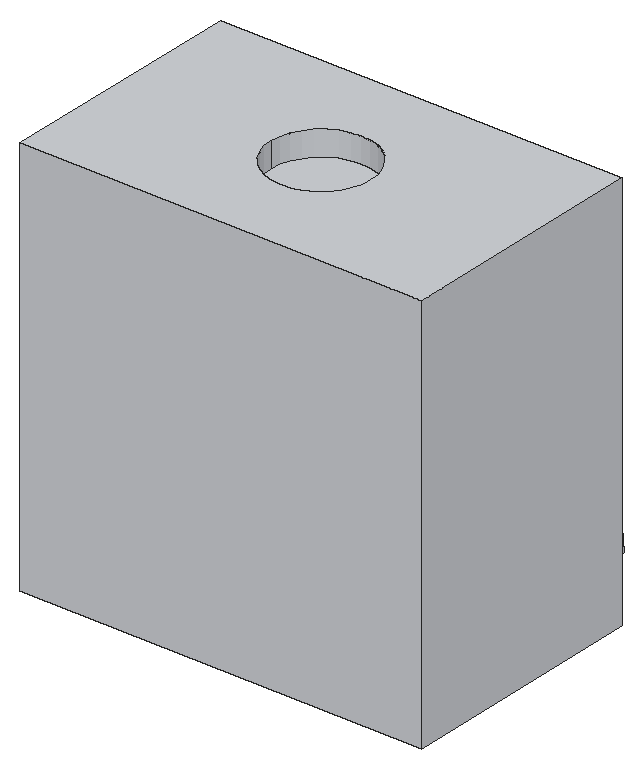
Revit family "SHG_Dose_V1700", category Sicherheitsgeräte, Revit 2017
Family settings
  Beschriftungsausrichtung beibehalten = Nein
  Bemaßung runder Anschluss = Durchmesser verwenden
  Teiletyp = Schalter
  OmniClass-Nummer = 23.85.30.00
  OmniClass-Titel = Safety and Security Information Systems
  Arbeitsebenenbasiert = Nein
  Immer vertikal = Ja
  Beim Laden mit Abzugskörper schneiden = Nein
  Gemeinsam genutzt = Nein
  Raumberechnungspunkt = Nein
Parameters (values of type "Uebergabedose")
  Übergabedose = yes
  pbr_Material_KZ = ""
  pbr_Material = none
  pbr_E_Typ = ""
  pbr_E_KZ = ""
  pbr_DINBild = 0
  pbr_Bild = 0
  pbr_3Dx_Delta_Korrekturversatz [instance] = 0 mm
  pbr_3DX_Versatzfaktor [instance] = 0
  pbr_2DY_Versatzfaktor [instance] = 0
  pbr_2DX_Versatzfaktor [instance] = 0
  lfd_STRK [instance] = 0
  cpiFitMatchKey [instance] = "E-LS-AS-1"
  Zentrale [instance] = ""
  Typ [instance] = ""
  Text3 [instance] = ""
  Text2 [instance] = ""
  Text1 [instance] = ""
  Planungsbüro Rohling = "www.pbr.de"
  Netzart = ""
  Menge(Dosenzahl) [instance] = 0
  Linie/Anschluss [instance] = ""
  Linie [instance] = ""
  Leerrohrtiefe = 5 mm
  Lastklassifizierung = none
  Installationsart [instance] = ""
  Info [instance] = ""
  IFC = ""
  Gewerk [instance] = "EMA"
  Eckversatz [instance] = 0 mm
  YFrontversatz [instance] = if(pbr_2DY_Versatzfaktor = 300, 0 mm, pbr_2DY_Versatzfaktor * 300 mm)  # 0 mm
  XSeitenversatz [instance] = if(pbr_2DX_Versatzfaktor = 0, 3000 mm, 3000 mm + (pbr_2DX_Versatzfaktor * 300 mm)) + Eckversatz  # 3000 mm
  R_Leerrohranschluss = 10 mm
  Niveau [instance] = 1100 mm
  Dosentiefe = 70 mm  # constant formula
  Dosenradius = 65 mm / 2  # 32.5 mm
  D_Leerrohranschluss = 2 * R_Leerrohranschluss  # 20 mm
  Bus [instance] = ""
  Breite = 80 mm
  Boxtiefe = 50 mm
  Betriebsstrom ruhe [instance] = 0
  Betriebsstrom max [instance] = 0
  3Polig_darstellen = no
  3DX_Versatzkontrolle [instance] = if(pbr_3DX_Versatzfaktor = 0, (pbr_2DX_Versatzfaktor * -1), (((-1 * pbr_3DX_Versatzfaktor) + pbr_2DX_Versatzfaktor) * -1))  # 0
  3DX_Versatzfaktor [instance] = 0
  3DX_Versatz [instance] = if([3DX_Versatzkontrolle] = 0, 2000 mm, 2000 mm + ([3DX_Versatzkontrolle] * (300 mm - Breite))) + pbr_3Dx_Delta_Korrekturversatz  # 2000 mm
  2Polig_darstellen = no
  2DY_Versatzfaktor [instance] = 0
  2DX_Versatzfaktor [instance] = 0
Reference planes
  plane 1 "Mitte (Vorne/Hinten)": y = 0
  plane 2: z = 0
  plane 3 "Mitte (Links/Rechts)": x = 0
  plane 4: x = -125
  plane 5: x = 125
  plane 6: y = 300
  plane 7 "Schalterhinten": y = 0
  plane 8: x = -3000
  plane 9: x = 0
  plane 10: x = -2000
  plane 11: x = -40
  plane 12: x = 40
  plane 13: z = 1140
  plane 14: z = 1060
  plane 15 "SchalterVorne": y = 50
  plane 16 "3DSchalterMitte": x = 0
  plane 17: z = 1100
  plane 18 "Schalterkurz": y = 52.47
  plane 19 "Schalterlang": y = 59.712
  plane 20: x = -32.5
  plane 21: x = 32.5
  plane 22 "MitteBox": y = 25
  plane 23: z = 1135
  plane 24: z = 1065
Forms (mm)
  Extrusion 1, solid
    sketch origin (0, 20, 0) x (0, 0, 1) y (-1, 0, 0)
      loop
        line (1060, 40) -> (1060, -40) -> (1140, -40) -> (1140, 40) -> (1060, 40)
    from -30 to 20
  Sweep 2, solid
    path origin (0, 59.712, 0) x (-1, 0, 0) y (0, 0, 1)
      loop
        line (32.5, 1100) -> (-32.5, 1100)
    profile origin (0, 59.712, 1100) x (0, 0, -1) y (0, 1, 0)
      loop
        line (-35, -9.712) -> (33.898, -9.712) -> (33.898, 0) -> (-35, -7.241) -> (-35, -9.712)
  Sweep 3, void
    path origin (-111.336, 25, 1200) x (-1, 0, 0) y (0, 0, 1)
      loop
        line (-111.336, -135) -> (-111.336, -140)
    profile origin (0, 25, 1062.5) x (0, 1, 0) y (-1, 0, 0)
      loop
        circle (0, 0) r 10
  Sweep 4, void
    path origin (-111.336, 25, 1200) x (-1, 0, 0) y (0, 0, 1)
      loop
        line (-111.336, -65) -> (-111.336, -60)
    profile origin (0, 25, 1137.5) x (1, 0, 0) y (0, 1, 0)
      loop
        circle (0, 0) r 10
Cuts and joins
  Sweep 3, Sweep 4 cuts Extrusion 1
  joined: Extrusion 1, Sweep 2
Dimensions and locks
  plane 4 to plane 5 = 250 mm
  plane 6 to plane 7 "Schalterhinten" = 300 mm
  equal spacing: plane 4, plane 9, plane 5, locked at 125 each
  "XSeitenversatz": plane 8 to plane 9
  plane 8 to plane 3 "Mitte (Links/Rechts)" = 3000 mm
  "YFrontversatz": plane 1 "Mitte (Vorne/Hinten)" to plane 7 "Schalterhinten"
  plane 12 to plane 11 = 80 mm
  plane 13 to plane 14 = 80 mm
  plane 9 to plane 10 = 2000 mm
  equal spacing: plane 12, plane 16 "3DSchalterMitte", plane 11
  equal spacing: plane 13, plane 17, plane 14
  "Niveau": plane 17 to level
  plane 15 "SchalterVorne" to plane 1 "Mitte (Vorne/Hinten)" = 50 mm
  "Boxtiefe": plane 1 "Mitte (Vorne/Hinten)" to plane 15 "SchalterVorne"
  plane 1 "Mitte (Vorne/Hinten)" to plane 15 "SchalterVorne" to plane 18 "Schalterkurz" to plane 19 "Schalterlang" = 50 mm, 2.47 mm locked, 7.241 mm locked
  locked: plane 11 to plane 20 at 7.5
  locked: plane 21 to plane 12 at 7.5
  equal spacing: plane 1 "Mitte (Vorne/Hinten)", plane 22 "MitteBox", plane 15 "SchalterVorne"
  "Leerrohrtiefe": plane 23 to plane 13
  "Leerrohrtiefe": plane 24 to plane 14
  "Breite": plane 12 to plane 11
  "3DX_Versatz": plane 16 "3DSchalterMitte" to plane 10
  locked: plane 9 to plane 10 at 2000
  "R_Leerrohranschluss": radius of Sweep 3 sketch curve
  "R_Leerrohranschluss": radius of Sweep 4 sketch curve
  aligned and locked: level to plane 2
  aligned and locked: plane 14 to Extrusion 1 sketch curve
  aligned and locked: Extrusion 1 sketch curve to plane 11
  aligned and locked: Extrusion 1 sketch curve to plane 13
  aligned and locked: plane 12 to Extrusion 1 sketch curve
  aligned and locked: plane 1 "Mitte (Vorne/Hinten)" to Extrusion 1
  aligned and locked: Extrusion 1 to plane 15 "SchalterVorne"
  aligned and locked: nested 1 to plane 9
  aligned and locked: nested 1 to plane 7 "Schalterhinten"
Automatic sketch dimensions
  Sweep 2 sketch curve to plane 17 = 0 mm
  plane 21 to Sweep 2 sketch curve = 0 mm
  plane 20 to Sweep 2 sketch curve = 0 mm
  Sweep 2 sketch curve to plane 19 "Schalterlang" = 0 mm
  Sweep 2 sketch curve to plane 19 "Schalterlang" = 7.241 mm
  profile plane to Sweep 2 sketch curve = 35 mm
  Sweep 2 sketch curve to profile plane = 33.898 mm
  Sweep 2 sketch curve to Sweep 2 sketch curve = 9.712 mm
  Sweep 3 sketch curve to plane 14 = 0 mm
  Sweep 3 sketch curve to plane 16 "3DSchalterMitte" = 0 mm
  Sweep 3 sketch curve to plane 24 = 0 mm
  Sweep 3 sketch curve to plane 22 "MitteBox" = 0 mm
  Sweep 3 sketch curve to profile plane = 0 mm
  Sweep 4 sketch curve to plane 13 = 0 mm
  Sweep 4 sketch curve to plane 16 "3DSchalterMitte" = 0 mm
  Sweep 4 sketch curve to plane 23 = 0 mm
  Sweep 4 sketch curve to plane 22 "MitteBox" = 0 mm
  Sweep 4 sketch curve to profile plane = 0 mm
Nested families
  nested 1: "Übergabedose" at (0, 0, 0), visible <- "Übergabedose", type "Übergabedose"
Connectors
  electrical at (0, 25, 1140)
    settings: on cut or joined group of Extrusion 1, Sweep 2, Sweep 3, Sweep 4, index 1, voltage 230 V, apparent load 0 VA, apparent load phase1 0 VA, apparent load phase2 0 VA, apparent load phase3 0 VA, power factor 1, load classification "Standard", number of poles 1, system type 10, power factor state 1, is connector primary yes, connector utility no, sub classification motor no, connector description ""
  cabletrayconduit at (0, 25, 1135), diameter 20, driven by "D_Leerrohranschluss"
    settings: on cut or joined group of Extrusion 1, Sweep 2, Sweep 3, Sweep 4, index 2, connector width 300 mm, connector height 300 mm, connector angle 0.00°, system type 32, placement type 0, profile type 0, connector reference index -1, is primary connector yes, connector utility param no, connector description ""
  cabletrayconduit at (0, 25, 1065), diameter 20, driven by "D_Leerrohranschluss"
    settings: on cut or joined group of Extrusion 1, Sweep 2, Sweep 3, Sweep 4, index 3, connector width 300 mm, connector height 300 mm, connector angle 0.00°, system type 32, placement type 0, profile type 0, connector reference index -1, is primary connector no, connector utility param no, connector description ""
Definition of nested family "Übergabedose"
  Reference planes
    plane 1 "Mitte (Vorne/Hinten)": y = 0
    plane 2: z = 0
    plane 3 "Mitte (Links/Rechts)": x = 0
  Lines and regions (mm)
    detail lines, in view "Referenzebene"
      curve 1: line (-260.274, 288, 0) -> (260.91, 288, 0)
      curve 2: line (260.91, 288, 0) -> (260.91, 0, 0)
      curve 3: line (260.91, 0, 0) -> (-260.274, 0, 0)
      curve 4: line (-260.274, 0, 0) -> (-260.274, 288, 0)
